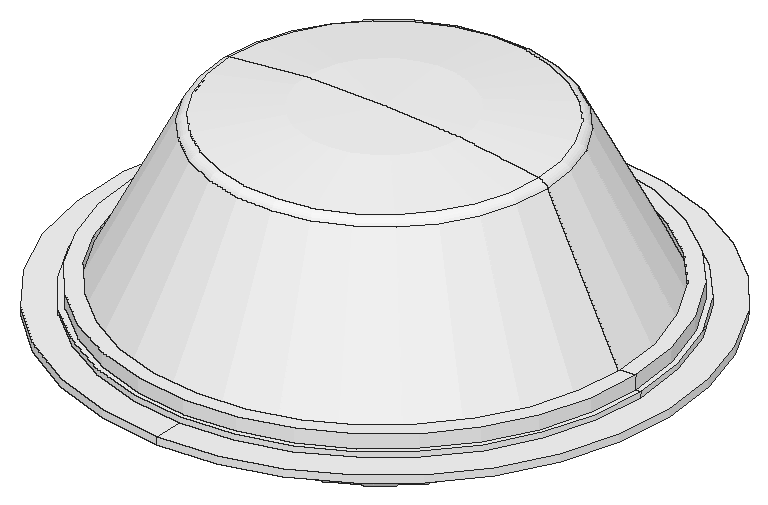
Revit family "R1200-JD", category Plumbing Fixtures, host Face, Revit 2018
Family settings
  Host = Face
  Round Connector Dimension = Use Radius
  Part Type = Normal
  Cut with Voids When Loaded = No
  Shared = No
  Room Calculation Point = No
Parameters (values of type "2" Drain Pipe Size")
  WFU = 0
  URL = "WWW.MIFAB.COM"
  Strainer Diameter = 0' - 6 15/16"
  Pipe Radius = Pipe Diameter / 2  # 0' - 1"
  Pipe Diameter = 0' - 2"
  Model = "R1200-JD"
  Manufacturer = "MIFAB"
  Floor Drain Material = Paint - Sherwin Williams Paint - #952C2A - Bellwood Red
  Domestic Cold Water Radius = 0' - 0 1/4"
  Domestic Cold Water Diameter = Domestic Cold Water Radius * 2  # 0' - 0 1/2"
  Description = "LARGE SUMP ROOF DRAIN WITH LOW PROFILE DOME AND JASAWAZ STYLE BODY"
  Default Elevation = 0' - 0"
  CWFU = 0
  Body Height = 0' - 4 1/4"
  Assembly Code = ""
Types (6): name | Pipe Radius | Pipe Diameter
  (no name) | 0' - 1" | 0' - 2"
  2" Drain Pipe Size | 0' - 1" | 0' - 2"
  3" Drain Pipe Size | 0' - 1 1/2" | 0' - 3"
  4" Drain Pipe Size | 0' - 2" | 0' - 4"
  5" Drain Pipe Size | 0' - 2 1/2" | 0' - 5"
  6" Drain Pipe Size | 0' - 3" | 0' - 6"
Reference planes (in)
  plane 1 "Center (Front/Back)": y = 0
  plane 2: z = 0
  plane 3 "Center (Left/Right)": x = 0
  plane 4: z = -7.25
  plane 5: z = -3
  plane 6: z = -2.375
  plane 7: y = -1
  plane 8: y = 1
  plane 9: x = -2.5
  plane 10: x = 2.5
  plane 11: z = -2.5
  plane 12: x = 7.5
  plane 13: x = -7.5
  plane 14: z = 4.5
  plane 15: z = 0
  plane 16: z = -3.375
  plane 17: y = 7.5
  plane 18: y = -7.5
  plane 19: x = 6.75
  plane 20: x = -6.75
  plane 21: x = -4.2
  plane 22: x = 4.2
Forms (in)
  Revolve 1, solid, material "Paint - Sherwin Williams Paint - #952C2A - Bellwood Red" <- "Floor Drain Material"
    sketch origin (0, 0.04396, -2.375) x (0, 1, 0) y (0, 0, 1)
      loop
        line (-4.57045, 2.375) -> (-7.54396, 2.375) -> (-7.54396, 2.1875) -> (-4.75951, 2.1875) -> (-4.75951, 0.66305)
        arc (-4.75951, 0.66305) -> (-4.71471, 0.55491) -> (-4.60658, 0.51012) r 0.15293
        line (-4.60658, 0.51012) -> (-1.04396, 0.51012) -> (-1.04396, -1) -> (-0.84474, -1) -> (-0.84474, 0.70934) -> (-4.57045, 0.70934) -> (-4.57045, 2.375)
      axis (-0.04396, 2.375) -> (-0.04396, -1)
    angle from 0 to 360
  Revolve 2, solid, material "Paint - Sherwin Williams Paint - #952C2A - Bellwood Red" <- "Floor Drain Material"
    sketch origin (0, 0, 0) x (1, 0, 0) y (0, 0, 1)
      loop
        line (6.4534, 0.13441) -> (6.4534, 0.26611) -> (6.24075, 0.26611) -> (4.29068, 4.06023)
        arc (4.29068, 4.06023) -> (4.19809, 4.16912) -> (4.06679, 4.22561) r 0.3136
        arc (4.06679, 4.22561) -> (2.04088, 4.47375) -> (0, 4.5) r 18.73239
        line (0, 4.5) -> (0, 4.37304)
        arc (0, 4.37304) -> (2.07377, 4.34444) -> (4.13157, 4.08598) r 18.66798
        line (4.13157, 4.08598) -> (6.14077, 0.13441) -> (6.4534, 0.13441)
      axis (0, 0.13441) -> (0, 4.5)
    angle from 0 to 360
  Revolve 3, solid, material "Paint - Sherwin Williams Paint - #952C2A - Bellwood Red" <- "Floor Drain Material"
    sketch origin (0, 0, 0) x (1, 0, 0) y (0, 0, 1)
      loop
        line (6.61232, 0.47602) -> (6.22626, 0.47602) -> (6.22626, 0.31587) -> (6.4534, 0.31587) -> (6.4534, 0.13441) -> (6.1183, 0.13441) -> (6.1183, 0) -> (6.75, 0) -> (6.75, 0.13441) -> (6.61232, 0.13441) -> (6.61232, 0.47602)
      axis (0, 0) -> (0, 0.47602)
    angle from 0 to 360
Lines and regions (in)
  model lines, not visible
    curve 1: line (6.7156, 0, 9.07611) -> (12.5156, 0, 9.07611)
    curve 2: line (12.5156, 0, 9.07611) -> (12.5156, 0, 10.82611)
    curve 3: line (12.5156, 0, 10.82611) -> (6.7156, 0, 10.82611)
    curve 4: line (6.7156, 0, 10.82611) -> (6.7156, 0, 9.07611)
    curve 5: line (7.13163, 0, 10.86539) -> (7.13163, 0, 12.86539)
    curve 6: line (7.13163, 0, 12.86539) -> (15.53163, 0, 12.86539)
    curve 7: line (15.53163, 0, 12.86539) -> (15.53163, 0, 10.86539)
    curve 8: line (11.33163, 0, 12.86539) -> (11.33163, 0, 12.36539)
Dimensions and locks (in)
  "Body Height": plane 5 to plane 4
  equal spacing: plane 8, plane 1 "Center (Front/Back)", plane 7
  "Pipe Diameter": plane 8 to plane 7
  "Pipe Radius": plane 1 "Center (Front/Back)" to plane 7
  locked: plane 13 to plane 12 at 15
  plane 14 to plane 11 = 0' - 7"
  locked: plane 14 to level at 4.5
  level to plane 15 = 0' - 0"
  locked: plane 15 to plane 16 at 3.375
  equal spacing: plane 13, plane 3 "Center (Left/Right)", plane 12
  locked: plane 18 to plane 17 at 15
  plane 18 to plane 1 "Center (Front/Back)" to plane 17 = 0' - 7 1/2", 0' - 7 1/2"
  plane 1 "Center (Front/Back)" to Revolve 1 sketch curve to Revolve 1 sketch curve = 0' - 4.52649" locked, 0' - 0.18905" locked
  locked: plane 19 to plane 20 at 13.5
  plane 21 to plane 3 "Center (Left/Right)" to plane 22 = 0' - 4.2", 0' - 4.2"
  plane 21 to plane 22 = 0' - 8.4"
  plane 17 to plane 18 = 1' - 3"
  locked: plane 15 to Revolve 1 sketch curve at 0.1875
  aligned and locked: plane 2 to host face
  aligned and locked: level to host face
  aligned and locked: Revolve 1 sketch curve to plane 18
  aligned and locked: Revolve 1 sketch curve to plane 15
  aligned and locked: Revolve 1 sketch curve to plane 16
Automatic sketch dimensions
  host sketch curve to host sketch curve = 8' - 0"  (x2)
  Revolve 3 sketch curve to plane 3 "Center (Left/Right)" = 0' - 0"
  level to Revolve 3 sketch curve = 0' - 0.13441"  (x2)
  Revolve 3 sketch curve to Revolve 3 sketch curve = 0' - 0.10796"
  Revolve 3 sketch curve to Revolve 3 sketch curve = 0' - 0.22714"
  Revolve 3 sketch curve to Revolve 3 sketch curve = 0' - 0.15892"
  Revolve 3 sketch curve to Revolve 3 sketch curve = 0' - 0.13768"
  Revolve 3 sketch curve to Revolve 3 sketch curve = 0' - 0.18146"
  Revolve 3 sketch curve to Revolve 3 sketch curve = 0' - 0 41/256"
  plane 14 to Revolve 3 sketch curve = 0' - 1.05313"
  Revolve 3 sketch curve to Revolve 3 sketch curve = 0' - 2"
  curve 5 to curve 7 = 0' - 8.4"
  curve 5 to curve 8 = 0' - 4.2"
  curve 5 to curve 5 = 0' - 2"
  curve 7 to curve 6 = 0' - 2"
  curve 8 to curve 8 = 0' - 0 1/2"
  Revolve 3 sketch curve to plane 19 = 0' - 0"
  Revolve 3 sketch curve to level = 0' - 0"
  Revolve 2 sketch curve to plane 3 "Center (Left/Right)" = 0' - 0"  (x2)
  Revolve 2 sketch curve to plane 14 = 0' - 0"
  plane 3 "Center (Left/Right)" to Revolve 2 sketch curve = 0' - 0.77986"
  Revolve 2 sketch curve to Revolve 2 sketch curve = 0' - 0"
  plane 22 to Revolve 2 sketch curve = 0' - 0.18824"
  plane 22 to Revolve 2 sketch curve = 0' - 0.06843"
  Revolve 2 sketch curve to plane 22 = 0' - 0.09068"
  level to Revolve 2 sketch curve = 0' - 0.13441"
  Revolve 2 sketch curve to plane 19 = 0' - 0.60923"
  Revolve 2 sketch curve to Revolve 2 sketch curve = 0' - 0.09998"
  Revolve 2 sketch curve to Revolve 2 sketch curve = 0' - 0.21265"
  Revolve 2 sketch curve to plane 16 = 0' - 10.84115"
  Revolve 2 sketch curve to Revolve 2 sketch curve = 0' - 0 1/16"
  Revolve 2 sketch curve to Revolve 2 sketch curve = 0' - 0.1317"
  Revolve 2 sketch curve to plane 14 = 0' - 0.58313"
  Revolve 2 sketch curve to Revolve 2 sketch curve = 0' - 0.16538"
  Revolve 2 sketch curve to Revolve 2 sketch curve = 0' - 0.13963"
  Revolve 2 sketch curve to Revolve 2 sketch curve = 0' - 1.05313"
  Revolve 2 sketch curve to Revolve 2 sketch curve = 0' - 2"
  Revolve 1 sketch curve to plane 7 = 0' - 0"
  Revolve 1 sketch curve to plane 1 "Center (Front/Back)" = 0' - 0"
  Revolve 1 sketch curve to plane 4 = 0' - 0"
  Revolve 1 sketch curve to Revolve 1 sketch curve = 0' - 0.03612"
  Revolve 1 sketch curve to plane 7 = 0' - 0 51/256"
  plane 6 to Revolve 1 sketch curve = 0' - 0.51012"
  Revolve 1 sketch curve to Revolve 1 sketch curve = 0' - 0 51/256"
  plane 16 to Revolve 1 sketch curve = 0' - 0 1/8"
Connectors (in)
  piping at (0, 0, -3.375), diameter 2, driven by "Pipe Radius", driven by "WFU"
    settings: on Revolve 1, index 2, connector inside diameter 2", connector length 0' - 0", flow factor 0, pipe flow 0 GPM, pressure drop 0.00 psi, fitting loss kfactor 0, connector angle 0.00°, fixture units 0, engagement length 0' - 0", angle of deflection 0.00°, flow configuration 3, flow direction 2, fitting loss method 0, system type 16, joint type 0, gender type 0, connector reference index -1, connector utility 0, adjustable connector no, is connector primary yes, connector description "Sanitary Out"
